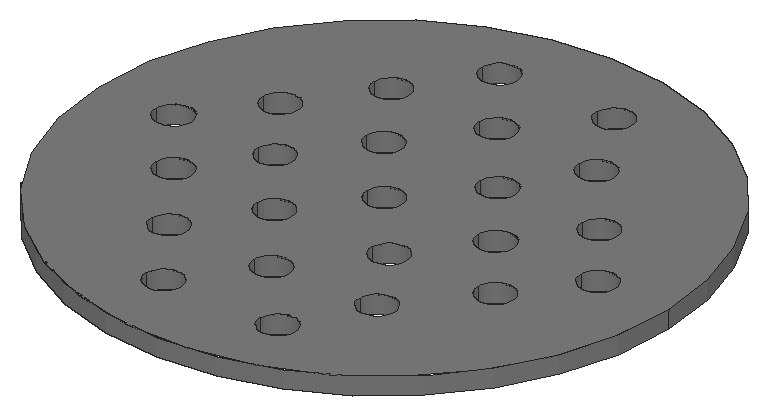
Revit family "sifon", category Plumbing Fixtures, Revit 2016
Family settings
  Part Type = Normal
  Round Connector Dimension = Use Diameter
  Work Plane-Based = No
  Always vertical = Yes
  Cut with Voids When Loaded = No
  Shared = No
  Room Calculation Point = No
Parameters (values of type "sifon 3x2")
  Keynote = "10.5.8"
  Drain Material [instance] = Default
Reference planes (in)
  plane 1 "Center (Front/Back)": y = 0
  plane 2: z = 0
  plane 3 "Center (Left/Right)": x = 0
Forms (in)
  Extrusion 1, solid, material "Default" <- "Drain Material"
    sketch origin (0, 0, 0) x (1, 0, 0) y (0, 1, 0)
      loop
        circle (0, 0) r 2
      loop
        circle (-1.47864, 0) r 0.125
      loop
        circle (0, 0) r 0.125
      loop
        circle (1.50285, 0) r 0.125
      loop
        circle (0.78464, 0) r 0.125
      loop
        circle (-0.76646, 0) r 0.125
      loop
        circle (-1.10445, -0.46842) r 0.125
      loop
        circle (-0.38731, -0.48157) r 0.125
      loop
        circle (0.41648, -0.47553) r 0.125
      loop
        circle (1.14676, -0.45743) r 0.125
      loop
        circle (-0.73132, -0.97647) r 0.125
      loop
        circle (0, -0.98854) r 0.125
      loop
        circle (0.72106, -0.9644) r 0.125
      loop
        circle (-0.37027, -1.47634) r 0.125
      loop
        circle (0.43458, -1.47741) r 0.125
      loop
        circle (-1.10445, 0.46842) r 0.125
      loop
        circle (-0.38731, 0.48157) r 0.125
      loop
        circle (0.41648, 0.47553) r 0.125
      loop
        circle (1.14676, 0.45743) r 0.125
      loop
        circle (-0.73132, 0.97647) r 0.125
      loop
        circle (0, 0.98854) r 0.125
      loop
        circle (0.72106, 0.9644) r 0.125
      loop
        circle (-0.37027, 1.47634) r 0.125
      loop
        circle (0.43458, 1.47741) r 0.125
    from 0 to 0.125
